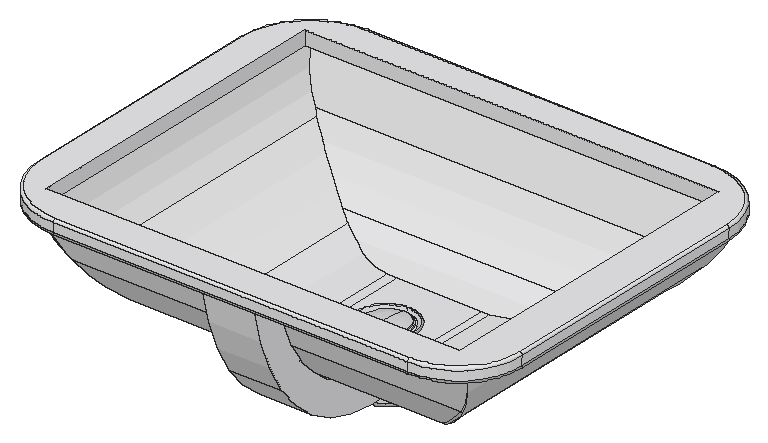
Revit family "Sink-Undermount-Lavatory-KALLISTA-Perfect-P74234", category Plumbing Fixtures, host Face, Revit 2022
Family settings
  Host = Face
  Round Connector Dimension = Use Diameter
  Part Type = Normal
  OmniClass Number = 23.31.13.00
  OmniClass Title = Sinks
  Cut with Voids When Loaded = No
  Maintain Annotation Orientation = No
  Shared = No
  Room Calculation Point = No
Parameters (values of type "0-White")
  Width = 15.50185"  # constant formula
  WaterSense Certified = 1 = 0  # no
  Waste Water Outlet = "Waste Water Outlet"  # constant formula
  Waste Connection = 1 = 1  # yes
  Vent Connection = 1 = 0  # no
  URL = "https://www.kallista.com/"
  Type = 1
  Product Page URL = "https://www.kallista.com/products/luxury-bathroom/sinks/under-mount-sinks/perfect-under-mount-sink-soft-rectangle-with-overflow-glazed-p74234-wo"
  Product Name = "Perfect"  # constant formula
  Product Documentation Link = "https://techcomm.kohler.com/techcomm/pdf/P74234-WO_spec_US-CA_Kallista_en.pdf"
  Model = "P74234-WO-0"  # constant formula
  Material = "Vitreous China"  # constant formula
  Master Format 2014 Name = "Residential Lavatories and Sinks"  # constant formula
  Master Format 2014 = "22 41 16"  # constant formula
  Manufacturer Address = "444 Highland Dr, Kohler, WI 53044"  # constant formula
  Manufacturer = "Kohler Co."  # constant formula
  Length = 19.24827"  # constant formula
  Hot Water Inlet = "Hot Water Inlet"  # constant formula
  Height = 6.9798"  # constant formula
  HW Connection = 1 = 0  # no
  Finish = Kohler-Vitreous_China-0-White
  Environmental Product Declaration = ""
  Drain Included = 1 = 0  # no
  Description = "Under-mount Sink, Soft Rectangle with Overflow, Glazed "  # constant formula
  Default Elevation = 34"
  Declare Label = ""
  Date Modified = "06/07/2025"  # constant formula
  Date Created = "06/07/2025"  # constant formula
  Copyright = "Copyright Kallista Co."  # constant formula
  Contact Us = "https://www.kallista.com/corporate/contact-us/"
  Cold Water Inlet = "Cold Water Inlet"  # constant formula
  CW Connection = 1 = 0  # no
  Assembly Code = "D2010400"
  ADA Compliant = 1 = 1  # yes
Reference planes (in)
  plane 1 "Center (Front/Back)": y = 0
  plane 2: z = 0
  plane 3 "Center (Left/Right)": x = 0
  plane 4: z = -1.5
  plane 5: x = 9.60261
  plane 6: x = -9.64566
  plane 7: z = -8.47979
  plane 8: z = -1.49999
  plane 9: y = 7.57051
  plane 10: y = -7.93134
  plane 11: z = -2.17332
  plane 12: z = -2.31473
Forms (in)
  Extrusion 1, void
    sketch origin (0, 0, 0) x (1, 0, 0) y (0, 1, 0)
      loop
        line (-8.71508, 7.52131) -> (-8.71508, -8.00002) -> (8.5, -8.00002) -> (8.5, 7.52131) -> (-8.71508, 7.52131)
    from -9.23468 to -2.07
  Extrusion 2, void
    sketch origin (0, 0, 0) x (1, 0, 0) y (0, 1, 0)
      loop
        line (-7.5, 5.30138) -> (-7.5, -5.59733)
        arc (-7.5, -5.59733) -> (-7.20711, -6.30444) -> (-6.5, -6.59733) r 1
        line (-6.5, -6.59733) -> (6.5, -6.59733)
        arc (6.5, -6.59733) -> (7.20711, -6.30444) -> (7.5, -5.59733) r 1
        line (7.5, -5.59733) -> (7.5, 5.30138)
        arc (7.5, 5.30138) -> (7.20711, 6.00849) -> (6.5, 6.30138) r 1
        line (6.5, 6.30138) -> (-6.5, 6.30138)
        arc (-6.5, 6.30138) -> (-7.20711, 6.00849) -> (-7.5, 5.30138) r 1
    from -1.50112 to 0.91932
  Extrusion 3, void
    sketch origin (0, 0, 0) x (1, 0, 0) y (0, 0, 1)
      loop
        line (-10, -1.50112) -> (-10, -2.07) -> (9.61586, -2.07) -> (9.61586, -1.50112) -> (-10, -1.50112)
    from -7.74903 to 8.1784
Dimensions and locks (in)
  "Length": plane 6 to plane 5
  plane 4 to plane 7 = 6.97979"
  "Height": plane 7 to plane 8
  "Width": plane 10 to plane 9
  aligned and locked: plane 2 to host face
Automatic sketch dimensions
  host sketch curve to host sketch curve = 96"  (x2)
  plane 3 "Center (Left/Right)" to Extrusion 1 sketch curve = 8 1/2"
  Extrusion 2 sketch curve to Extrusion 2 sketch curve = 1"  (x4)
  plane 4 to Extrusion 3 sketch curve = 0.57"
  plane 3 "Center (Left/Right)" to Extrusion 2 sketch curve = 6 1/2"
  plane 3 "Center (Left/Right)" to Extrusion 3 sketch curve = 9.61586"
  Extrusion 1 sketch curve to plane 3 "Center (Left/Right)" = 8.71508"
  Extrusion 2 sketch curve to plane 3 "Center (Left/Right)" = 6 1/2"
  Extrusion 3 sketch curve to plane 3 "Center (Left/Right)" = 10"
  plane 4 to Extrusion 3 sketch curve = 0.00112"
  plane 10 to Extrusion 1 sketch curve = 0.06868"
  Extrusion 2 sketch curve to plane 10 = 2.33401"
  Extrusion 1 sketch curve to plane 9 = 0.0492"
  Extrusion 2 sketch curve to plane 9 = 2.26913"
Nested families (in)
  nested 1: "P74234" at (0, 0, -1), type "P74234"
Connectors (in)
  piping at (0, 0, -8.47979), diameter 1.73228, driven by "Waste Connection", driven by "Waste Water Outlet"
    settings: on nested 1, index 1, connector inside diameter 24", connector length 0", flow factor 0, pipe flow 0 GPM, pressure drop 0.00 psi, fitting loss kfactor 0, connector angle 0.00°, fixture units 0, engagement length 0", angle of deflection 0.00°, flow configuration 0, flow direction 2, fitting loss method 0, system type 16, joint type 0, gender type 0, connector reference index -1, connector utility 1, adjustable connector no, is connector primary yes, connector description "Waste Water Outlet"
Definition of nested family "P74234"
  Parameters (values of type "K-R38661")
    Material = none
    Default Elevation = 0"
  Types (2): name
    K-R38661
    K-38661
  Reference planes (in)
    plane 1 "Center (Front/Back)": y = 0
    plane 2: z = 0
    plane 3 "Center (Left/Right)": x = 0
    plane 4: z = -0.5
    plane 5: z = -7.47979
    plane 6: x = -9.64567
    plane 7: x = 9.60261
    plane 8: y = -9.60701
    plane 9: y = 9.64126
    plane 10: y = -7.93132
    plane 11: y = 7.57051
  Forms (in)
    Sweep 1, solid, material <- "Material"
      path origin (0, 0, 0) x (1, 0, 0) y (0, 1, 0)
        loop
          arc (-6.86593, 7.56012) -> (-8.81465, 6.75294) -> (-9.62183, 4.80422) r 2.75591
          line (-9.62183, 4.80422) -> (-9.62183, -5.13673)
          arc (-9.62183, -5.13673) -> (-8.81465, -7.08545) -> (-6.86593, -7.89263) r 2.75591
          line (-6.86593, -7.89263) -> (7.12051, -7.89263)
          arc (7.12051, -7.89263) -> (8.88921, -7.16001) -> (9.62183, -5.3913) r 2.50133
          line (9.62183, -5.3913) -> (9.62183, 4.80422)
          arc (9.62183, 4.80422) -> (8.81465, 6.75294) -> (6.86593, 7.56012) r 2.75591
          line (6.86593, 7.56012) -> (-6.86593, 7.56012)
      profile origin (0, 7.56012, 0) x (0, 1, 0) y (0, 0, 1)
        loop
          arc (0, -0.60638) -> (-0.03083, -0.53195) -> (-0.10525, -0.50112) r 0.10525
          line (-0.10525, -0.50112) -> (-0.48652, -0.50112) -> (-0.48652, -1.07) -> (-0.10877, -1.07)
          arc (-0.10877, -1.07) -> (-0.03186, -1.03815) -> (0, -0.96123) r 0.10877
          line (0, -0.96123) -> (0, -0.60638)
    Extrusion 2, solid, material <- "Material"
      sketch origin (-0.19685, 0, 0.36481) x (1, 0, 0) y (0, 0, 1)
        loop
          line (-1.33076, -5.94548) -> (2.00858, -5.94548) -> (2.04372, -5.94548)
          arc (2.04372, -5.94548) -> (3.38632, -5.84883) -> (4.70123, -5.56088) r 9.37375
          arc (4.70123, -5.56088) -> (6.38222, -4.79578) -> (7.78708, -3.59683) r 6.63286
          arc (7.78708, -3.59683) -> (8.45029, -2.5888) -> (8.80287, -1.43482) r 4.24216
          line (8.80287, -1.43482) -> (8.66411, -1.43482)
          arc (8.66411, -1.43482) -> (8.34099, -2.44899) -> (7.75244, -3.33586) r 3.84846
          arc (7.75244, -3.33586) -> (6.43097, -4.46365) -> (4.84975, -5.18333) r 6.23916
          arc (4.84975, -5.18333) -> (3.59007, -5.45919) -> (2.30385, -5.55178) r 8.98004
          line (2.30385, -5.55178) -> (2.00858, -5.55178) -> (-1.33076, -5.55178) -> (-1.72446, -5.55178)
          arc (-1.72446, -5.55178) -> (-3.01067, -5.45919) -> (-4.27036, -5.18333) r 8.98004
          arc (-4.27036, -5.18333) -> (-5.85157, -4.46365) -> (-7.17304, -3.33586) r 6.23916
          arc (-7.17304, -3.33586) -> (-7.7616, -2.44899) -> (-8.08472, -1.43482) r 3.84846
          line (-8.08472, -1.43482) -> (-8.18363, -1.43482)
          arc (-8.18363, -1.43482) -> (-7.83105, -2.5888) -> (-7.16784, -3.59683) r 4.24216
          arc (-7.16784, -3.59683) -> (-5.76298, -4.79578) -> (-4.08199, -5.56088) r 6.63286
          arc (-4.08199, -5.56088) -> (-2.76708, -5.84883) -> (-1.42448, -5.94548) r 9.37375
          line (-1.42448, -5.94548) -> (-1.33076, -5.94548)
      from -6.58772 to 10.21322
    Extrusion 3, solid, material <- "Material"
      sketch origin (0, 0.14802, 0.36481) x (0, 1, 0) y (0, 0, 1)
        loop
          line (-1.96177, -5.91305) -> (1.42545, -5.91305)
          arc (1.42545, -5.91305) -> (2.58452, -5.76994) -> (3.67397, -5.3492) r 4.76526
          arc (3.67397, -5.3492) -> (4.82864, -4.48336) -> (5.67113, -3.31155) r 4.76526
          arc (5.67113, -3.31155) -> (6.09421, -2.38907) -> (6.4397, -1.43482) r 12.28421
          line (6.4397, -1.43482) -> (6.38187, -1.43482)
          arc (6.38187, -1.43482) -> (6.06185, -2.29746) -> (5.6761, -3.13278) r 11.89051
          arc (5.6761, -3.13278) -> (4.90321, -4.20777) -> (3.84394, -5.00208) r 4.37155
          arc (3.84394, -5.00208) -> (2.77429, -5.43082) -> (1.63679, -5.61539) r 5.24005
          line (1.63679, -5.61539) -> (-1.81736, -5.61539)
          arc (-1.81736, -5.61539) -> (-2.95487, -5.43082) -> (-4.02452, -5.00208) r 5.24005
          arc (-4.02452, -5.00208) -> (-5.08378, -4.20777) -> (-5.85667, -3.13278) r 4.37155
          arc (-5.85667, -3.13278) -> (-6.24243, -2.29746) -> (-6.56244, -1.43482) r 11.89051
          line (-6.56244, -1.43482) -> (-6.97601, -1.43482)
          arc (-6.97601, -1.43482) -> (-6.63053, -2.38907) -> (-6.20745, -3.31155) r 12.28421
          arc (-6.20745, -3.31155) -> (-5.36495, -4.48336) -> (-4.21029, -5.3492) r 4.76526
          arc (-4.21029, -5.3492) -> (-3.12084, -5.76994) -> (-1.96177, -5.91305) r 4.76526
      from -8.29577 to 8.60602
    Extrusion 4, void
      sketch origin (-23.62205, 0, 0.36481) x (1, 0, 0) y (0, 0, 1)
        loop
          line (21.95237, -5.82808) -> (20.93272, -5.82808)
          arc (20.93272, -5.82808) -> (19.80752, -5.61575) -> (18.70138, -5.31977) r 15.28468
          arc (18.70138, -5.31977) -> (16.46389, -3.89087) -> (15.2767, -1.51628) r 4.98699
          arc (15.2767, -1.51628) -> (15.21405, -1.17406) -> (15.16042, -0.83032) r 13.23844
          line (15.16042, -0.83032) -> (0.21645, -0.83032) -> (0.21645, -6.34213) -> (34.82842, -6.34213) -> (34.82842, -0.83032) -> (32.27009, -0.83032)
          arc (32.27009, -0.83032) -> (31.96822, -2.24694) -> (31.20735, -3.47943) r 4.24216
          arc (31.20735, -3.47943) -> (29.80249, -4.67838) -> (28.1215, -5.44348) r 6.63286
          arc (28.1215, -5.44348) -> (26.80659, -5.73143) -> (25.46398, -5.82808) r 9.37375
          line (25.46398, -5.82808) -> (25.29172, -5.82808) -> (21.95237, -5.82808)
      from -9.02994 to 11.39801
    Extrusion 5, void
      sketch origin (0, 0.14802, 0.36481) x (0, 1, 0) y (0, 0, 1)
        loop
          line (-7.33209, -0.02057) -> (-10.49659, -0.02057) -> (-10.49659, -6.34213) -> (13.69323, -6.34213) -> (13.69323, 0.71326) -> (7.2677, 0.71326)
          arc (7.2677, 0.71326) -> (6.82106, -1.35272) -> (6.02687, -3.31155) r 12.28421
          arc (6.02687, -3.31155) -> (5.18438, -4.48336) -> (4.02971, -5.3492) r 4.76526
          arc (4.02971, -5.3492) -> (2.94026, -5.76994) -> (1.78119, -5.91305) r 4.76526
          line (1.78119, -5.91305) -> (-1.96177, -5.91305)
          arc (-1.96177, -5.91305) -> (-3.12084, -5.76994) -> (-4.21029, -5.3492) r 4.76526
          arc (-4.21029, -5.3492) -> (-5.36495, -4.48336) -> (-6.20745, -3.31155) r 4.76526
          arc (-6.20745, -3.31155) -> (-6.88683, -1.70606) -> (-7.33209, -0.02057) r 12.28421
      from -19.55975 to 12.53562
    Extrusion 6, solid, material <- "Material"
      sketch origin (0, 0, 0) x (1, 0, 0) y (0, 1, 0)
        loop
          line (9.30883, -4.98092) -> (9.30883, 4.67215)
          arc (9.30883, 4.67215) -> (8.53944, 6.52963) -> (6.68195, 7.29902) r 2.62688
          line (6.68195, 7.29902) -> (-6.61274, 7.29902)
          arc (-6.61274, 7.29902) -> (-8.47023, 6.52963) -> (-9.23962, 4.67215) r 2.62688
          line (-9.23962, 4.67215) -> (-9.23962, -5.00927)
          arc (-9.23962, -5.00927) -> (-8.47023, -6.86674) -> (-6.61276, -7.63613) r 2.62686
          line (-6.61276, -7.63613) -> (6.65362, -7.63613)
          arc (6.65362, -7.63613) -> (8.53114, -6.85844) -> (9.30883, -4.98092) r 2.65521
        loop
          line (-8.29577, -6.49389) -> (8.03855, -6.49389) -> (8.03855, 6.30138) -> (-8.29577, 6.30138) -> (-8.29577, -6.49389)
      from -1.07 to -0.50112
    Revolve 7, solid, material <- "Material"
      sketch origin (0, 0, 0) x (0, 1, 0) y (0, 0, 1)
        loop
          line (0, -7.47979) -> (0, -5.54517) -> (-1.45125, -5.54517) -> (-1.29772, -7.3001)
          arc (-1.29772, -7.3001) -> (-1.2346, -7.42807) -> (-1.10161, -7.47979) r 0.19685
          line (-1.10161, -7.47979) -> (0, -7.47979)
        axis (0, -5.54517) -> (0, -7.47979)
      angle from 0 to 360
    Sweep 8, solid, material <- "Material"
      path origin (0, 2.19952, 0.89579) x (0, 1, 0) y (0, 0, 1)
        loop
          arc (-7.35513, -1.46874) -> (-7.03366, -2.64832) -> (-6.46495, -3.7306) r 5.62575
          arc (-6.46495, -3.7306) -> (-5.01427, -4.81139) -> (-3.20637, -4.74756) r 2.72929
      profile origin (0, -4.83414, -1.75253) x (0, 0.930529, 0.366217) y (1, 0, 0)
        loop
          line (-1.55148, 1.05513) -> (-2.73258, 1.05513) -> (-2.73258, -1.0118) -> (-1.55148, -1.0118) -> (-1.55148, 1.05513)
    Revolve 9, solid, detail levels medium+fine
      sketch origin (0, 0.00167, 0.37769) x (0, 1, 0) y (0, 0, 1)
        loop
          arc (-0.00167, -5.37598) -> (-0.39863, -5.40201) -> (-0.7861, -5.49216) r 2.44173
          line (-0.7861, -5.49216) -> (-0.77138, -5.54394) -> (-0.57246, -5.54091) -> (-0.49796, -6.26524) -> (-0.2499, -6.26147) -> (-0.22558, -7.85748) -> (-0.00167, -7.85748) -> (-0.00167, -5.37598)
        axis (-0.00167, -7.85748) -> (-0.00167, -5.37598)
      angle from 0 to 360
    Revolve 10, solid, detail levels medium+fine
      sketch origin (0, -5.80357, -5.49211) x (0, 0, 1) y (0, -1, 0)
        loop
          arc (0.22975, -4.82013) -> (0.20865, -4.84763) -> (0.17789, -4.86364) r 0.08009
          line (0.17789, -4.86364) -> (0, -4.91131) -> (0, -5.75639) -> (0.32364, -5.75639) -> (0.32364, -4.88281) -> (0.23185, -4.90741)
          arc (0.23185, -4.90741) -> (0.26001, -4.89275) -> (0.27934, -4.86756) r 0.07334
          line (0.27934, -4.86756) -> (0.37315, -4.66637)
          arc (0.37315, -4.66637) -> (0.35744, -4.62319) -> (0.31426, -4.63891) r 0.03249
          line (0.31426, -4.63891) -> (0.22975, -4.82013)
        axis (0.37315, -5.75639) -> (0, -5.75639)
      angle from 0 to 360
  Cuts and joins
    Extrusion 5 cuts Extrusion 2
    Extrusion 4 cuts Extrusion 3
    joined: Sweep 1, Extrusion 2, Extrusion 3, Extrusion 6
  Lines and regions (in)
    Masking region 1
      outline origin (0, 0, 0) x (1, 0, 0) y (0, 1, 0)
        loop
          arc (-6.49606, 7.57051) -> (-8.72317, 6.64801) -> (-9.64567, 4.4209) r 3.14961
          line (-9.64567, 4.4209) -> (-9.64567, -4.78172)
          arc (-9.64567, -4.78172) -> (-8.72317, -7.00883) -> (-6.49606, -7.93132) r 3.14961
          line (-6.49606, -7.93132) -> (6.453, -7.93132)
          arc (6.453, -7.93132) -> (8.68011, -7.00883) -> (9.60261, -4.78172) r 3.14961
          line (9.60261, -4.78172) -> (9.60261, 4.4209)
          arc (9.60261, 4.4209) -> (8.68011, 6.64801) -> (6.453, 7.57051) r 3.14961
          line (6.453, 7.57051) -> (-6.49606, 7.57051)
    Masking region 2
      outline origin (0, 0, 0) x (1, 0, 0) y (0, 0, 1)
        loop
          line (-9.44882, -1.17332) -> (-9.05512, -1.17332)
          arc (-9.05512, -1.17332) -> (-8.93826, -1.21268) -> (-8.86905, -1.31473) r 0.19312
          arc (-8.86905, -1.31473) -> (-8.62394, -2.03154) -> (-8.29695, -2.71488) r 6.48705
          arc (-8.29695, -2.71488) -> (-6.30552, -4.85235) -> (-3.54191, -5.79944) r 6.01494
          arc (-3.54191, -5.79944) -> (-2.6587, -5.85874) -> (-1.77393, -5.88651) r 24.82728
          arc (-1.77393, -5.88651) -> (-1.56176, -5.96581) -> (-1.44826, -6.16184) r 0.33568
          line (-1.44826, -6.16184) -> (-1.33296, -7.47979) -> (1.33296, -7.47979) -> (1.44826, -6.16184)
          arc (1.44826, -6.16184) -> (1.56176, -5.96581) -> (1.77393, -5.88651) r 0.33568
          arc (1.77393, -5.88651) -> (2.6587, -5.85874) -> (3.54191, -5.79944) r 24.82728
          arc (3.54191, -5.79944) -> (6.30552, -4.85235) -> (8.29695, -2.71488) r 6.01494
          arc (8.29695, -2.71488) -> (8.62394, -2.03154) -> (8.86905, -1.31473) r 6.48705
          arc (8.86905, -1.31473) -> (8.93826, -1.21268) -> (9.05512, -1.17332) r 0.19312
          line (9.05512, -1.17332) -> (9.40576, -1.17332)
          arc (9.40576, -1.17332) -> (9.54495, -1.11566) -> (9.60261, -0.97647) r 0.19685
          line (9.60261, -0.97647) -> (9.60261, -0.79116)
          arc (9.60261, -0.79116) -> (9.51733, -0.58528) -> (9.31145, -0.5) r 0.29116
          line (9.31145, -0.5) -> (-9.44882, -0.5)
          arc (-9.44882, -0.5) -> (-9.58801, -0.55766) -> (-9.64567, -0.69685) r 0.19685
          line (-9.64567, -0.69685) -> (-9.64567, -0.97647)
          arc (-9.64567, -0.97647) -> (-9.58801, -1.11566) -> (-9.44882, -1.17332) r 0.19685
    Masking region 3
      outline origin (0, 0, 0) x (0, 1, 0) y (0, 0, 1)
        loop
          arc (9.44441, -1.17332) -> (9.58361, -1.11566) -> (9.64126, -0.97647) r 0.19685
          line (9.64126, -0.97647) -> (9.64126, -0.69685)
          arc (9.64126, -0.69685) -> (9.58361, -0.55766) -> (9.44441, -0.5) r 0.19685
          line (9.44441, -0.5) -> (-9.31586, -0.5)
          arc (-9.31586, -0.5) -> (-9.52174, -0.58528) -> (-9.60701, -0.79116) r 0.29116
          line (-9.60701, -0.79116) -> (-9.60701, -0.97647)
          arc (-9.60701, -0.97647) -> (-9.54936, -1.11566) -> (-9.41016, -1.17332) r 0.19685
          line (-9.41016, -1.17332) -> (-9.05952, -1.17332)
          arc (-9.05952, -1.17332) -> (-8.94267, -1.21268) -> (-8.87345, -1.31473) r 0.19312
          arc (-8.87345, -1.31473) -> (-8.62835, -2.03154) -> (-8.30135, -2.71488) r 6.48705
          arc (-8.30135, -2.71488) -> (-5.7124, -5.52552) -> (-1.97776, -6.33475) r 6.33197
          arc (-1.97776, -6.33475) -> (-1.5853, -6.45659) -> (-1.39502, -6.82082) r 0.53502
          line (-1.39502, -6.82082) -> (-1.33736, -7.47979) -> (1.32855, -7.47979) -> (1.44386, -6.16184)
          arc (1.44386, -6.16184) -> (1.55735, -5.96581) -> (1.76953, -5.88651) r 0.33568
          arc (1.76953, -5.88651) -> (2.65429, -5.85874) -> (3.5375, -5.79944) r 24.82728
          arc (3.5375, -5.79944) -> (6.30111, -4.85235) -> (8.29254, -2.71488) r 6.01494
          arc (8.29254, -2.71488) -> (8.61954, -2.03154) -> (8.86464, -1.31473) r 6.48705
          arc (8.86464, -1.31473) -> (8.93386, -1.21268) -> (9.05071, -1.17332) r 0.19312
          line (9.05071, -1.17332) -> (9.44441, -1.17332)
    symbolic lines, detail levels medium+fine
      curve 1: arc (-6.49606, 6.78311, 0) -> (-8.16639, 6.09123, 0) -> (-8.85827, 4.4209, 0) r 2.3622
      curve 2: arc (8.81521, 4.4209, 0) -> (8.12333, 6.09123, 0) -> (6.453, 6.78311, 0) r 2.3622
      curve 3: arc (-8.85827, -4.71618, 0) -> (-7.98285, -6.55179, 0) -> (-6.00544, -7.02687, 0) r 2.3622
      curve 4: arc (6.8996, -7.02687, 0) -> (8.14327, -6.57871, 0) -> (8.81521, -5.44027, 0) r 1.94972
      curve 5: line (-6.00544, -7.02687, 0) -> (6.8996, -7.02687, 0)
      curve 6: line (-6.49606, 6.78311, 0) -> (6.453, 6.78311, 0)
      curve 8: circle (0, 0, 0) r 1.5748 normal (0, 0, 1)
      curve 9: line (-9.05512, 0, -1.17332) -> (9.23044, 0, -1.17332)
      curve 10: line (-1.77165, 0, -1.17332) -> (-0.96373, 0, -3.39306)
      curve 11: line (1.77165, 0, -1.17332) -> (0.96373, 0, -3.39306)
      curve 12: arc (-0.96373, 0, -3.39306) -> (-0.78525, 0, -4.27399) -> (-0.87358, 0, -5.16847) r 3.02408
      curve 13: arc (-0.87358, 0, -5.16847) -> (-1.09171, 0, -5.70519) -> (-1.44826, 0, -6.16184) r 2.09912
      curve 14: arc (0.96373, 0, -3.39306) -> (0.78525, 0, -4.27399) -> (0.87358, 0, -5.16847) r 3.02408
      curve 15: arc (0.87358, 0, -5.16847) -> (1.09171, 0, -5.70519) -> (1.44826, 0, -6.16184) r 2.09912
      curve 16: arc (-1.44826, 0, -6.16184) -> (0, 0, -7.06724) -> (1.44826, 0, -6.16184) r 1.61101
      curve 17: arc (-0.87358, 0, -5.16847) -> (0, 0, -5.28811) -> (0.87358, 0, -5.16847) r 3.24911
      curve 18: line (-1.3497, 0, -7.28846) -> (1.3497, 0, -7.28846)
      curve 19: arc (-6.29921, 0, -1.17332) -> (-4.2242, 0, -4.02598) -> (-1.31253, 0, -6.01735) r 10.36284
      curve 20: arc (6.29921, 0, -1.17332) -> (4.2242, 0, -4.02598) -> (1.31253, 0, -6.01735) r 10.36284
      curve 21: line (0, 8.86464, -1.31473) -> (0, -8.87345, -1.31473)
      curve 22: line (0, 9.05071, -1.17332) -> (0, -9.05952, -1.17332)
      curve 23: line (0, 1.35123, -7.22064) -> (0, -1.36004, -7.22064)
      curve 24: line (0, 1.44386, -6.16184) -> (0, -0.91835, -6.16184)
      curve 25: line (0, 1.76953, -5.88651) -> (0, -0.39582, -5.88651)
      curve 26: arc (0, -0.91835, -6.16184) -> (0, -5.14369, -4.8296) -> (0, -7.84074, -1.31473) r 7.36666
      curve 27: line (0, -0.91835, -6.16184) -> (0, -1.42955, -6.67304)
      curve 28: line (0, -1.78753, -6.11039) -> (0, -2.01529, -6.33814)
      curve 29: arc (0, -0.39582, -5.88651) -> (0, -4.19415, -4.61561) -> (0, -6.46278, -1.31473) r 6.31145
      curve 30: line (-8.85827, -4.71618, 0) -> (-8.85827, 4.4209, 0)
      curve 31: line (8.81521, 4.4209, 0) -> (8.81521, -5.44027, 0)
    symbolic lines
      curve 7: circle (0, 0, 0) r 0.7874 normal (0, 0, 1)
  Dimensions and locks (in)
    locked: level to plane 4 at 0.5
    plane 6 to plane 7 = 19.24828"  (x2)
    plane 9 to plane 8 = 19.24828"
    plane 11 to plane 10 = 15.50183"
    plane 4 to plane 5 = 6.97979"  (x2)
    level to plane 4 = 1/2"
    level to plane 5 = 7.47979"
    aligned and locked: plane 2 to level
